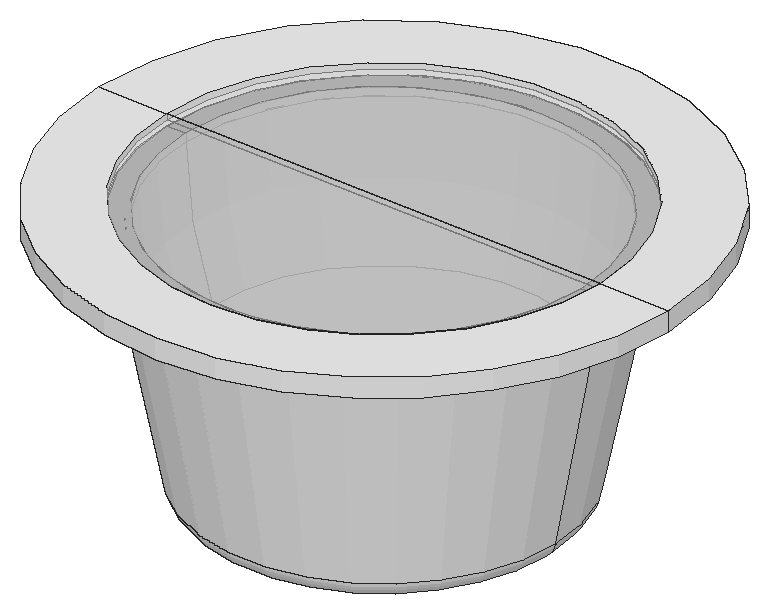
Revit family "2060555+2028034 Sylvania Lighting Fixture ASCENT 100 II ARCH 1900 4K STD 160 with IP44 Clear Glass", category Lighting Fixtures, host Face, Revit 2016
Family settings
  Host = Face
  Part Type = Normal
  Round Connector Dimension = Use Diameter
  OmniClass Number = 23.80.70.11.17
  OmniClass Title = Specialized Lighting by Location or Use
  Cut with Voids When Loaded = No
  Light Source = Yes
  Shared = No
  Room Calculation Point = No
Parameters (values of type "2060555+2028034 ASCT100 II ARCH 1900 4K STD 160 with IP44 Clear Glass")
  WidthBezelAcc_SYL = 25.0 mm
  Weight = "1.2 kg"
  Wattage = 17 W
  WarrantyStartDate [instance] = "n/a"
  WarrantyGuarantorParts = "n/a"
  WarrantyDurationUnit = "n/a"
  WarrantyDurationParts = "n/a"
  WarrantyDescription = "n/a"
  built-in parameter 1150110 = 1 (stored number, unit not read)
  Voltage = 0 V
  VisibilityAccessory_SYL = yes
  TypeName = "ASCENT 100 II ARCH 1900 4K STD 160"
  built-in parameter 1114217 = 1 (stored number, unit not read)
  Tilt Angle = -90°
  built-in parameter 1150109 = 1 (stored number, unit not read)
  built-in parameter 1150134 = 12
  built-in parameter 1150113 = 1 (stored number, unit not read)
  SerialNumber [instance] = "n/a"
  ReflectorRadius_SYL = Radius_SYL - 14.5 mm  # 80.0 mm
  RadiusAcc_SYL = 105.0 mm
  Radius_SYL = 94.5 mm
  URL = "http://www.sylvania-lighting.com"
  PowerFactor = 0
  PowerConsumption = "17 W"
  Photometric Web File = "2060555.ies"
  NominalWidth = 0.0 mm
  NominalLength = 0.0 mm
  NominalHeight = 94.0 mm
  Name = "ASCENT 100 II ARCH 1900 4K STD 160"
  ModelReference = "ASCENT 100 II ARCH 1900 4K STD 160"
  ModelNumber = "2060555+2028034"
  Material_4_SYL = none
  Material_3_SYL = Polycarbonate_Sylvania_Ascent_Clear
  Material_2_SYL = Aluminium_Sylvania_Ascent_Silver
  Material_1_SYL = Aluminum_Sylvania_Ascent_White
  Material = "aluminium housing, arcylic diffuser"
  ManufacturerName = "Feilo Sylvania"
  LuminousEfficacy = "113 lm/W"
  built-in parameter 1150105 = 152.87 (stored number, unit not read)
  Lumens = 1921 lm
  LuminaireType = ""
  built-in parameter 1150115 = 1 (stored number, unit not read)
  LightOutputRatio = "100"
  built-in parameter 1150137 = (empty or 0)
  built-in parameter 1150139 = (empty or 0)
  LampsType = Lamp  # "LED"
  LampNominalLuminous = "1921 lm"
  LampMacAdamStep = "3"
  LampColourTemperature = "4000 K"
  LampColourRenderingIndex = "80"
  built-in parameter 1150112 = 1 (stored number, unit not read)
  built-in parameter 1150114 = 1 (stored number, unit not read)
  Keynote = "16500"
  InstallationDate [instance] = "n/a"
  InputVoltage = "n/a"
  InputNominalFrequency = "n/a"
  built-in parameter 1150132 = (empty or 0)
  built-in parameter 1150102 = (empty or 0)
  built-in parameter 1150107 = 4000 (stored number, unit not read)
  built-in parameter 1150138 = (empty or 0)
  IngressProtection = "IP44"
  ImpactProtectionIndex = "IK02"
  built-in parameter 1150106 = 1.5287 (stored number, unit not read)
  IfcExportType = "IfcLightFixtureType"
  IfcExportAs = "IfcLightFixtureType"
  Height_SYL = 94.0 mm
  HeightAcc_SYL = 7.0 mm
  ExpectedLife = 50000
  EmittionSurface_SYL = if(VisibilityAccessory_SYL, 7.0 mm, 3.0 mm)  # 7.0 mm
  Emit from Circle Diameter = DiffuserRadius_SYL * 2  # 146.0 mm
  Emit Shape Visible in Rendering = no
  ElectricShockClassification = "Class II"
  built-in parameter 1150104 = 10.498 (stored number, unit not read)
  DurationUnit = "hours"
  DocumentationLiterature = "http://www.sylvania-lighting.com/product/en-int/products/2060555"
  DimmingControlOptions = "n/a"
  Dimming Lamp Color Temperature Shift = <None>
  DiffuserRadius_SYL = ReflectorRadius_SYL - 7.0 mm  # 73.0 mm
  Diameter_SYL = 2 * Radius_SYL  # 189.0 mm
  CutoutDiameter_SYL = Diameter_SYL - 13.0 mm  # 176.0 mm
  CreatedOn = "9/17/2018"
  CreatedBy = "@sylvania-lighting.com"
  Color Filter = 16777215
  built-in parameter 1114216 [instance] = 1 (stored number, unit not read)
  Model = "ASCENT 100 II ARCH 1900 4K STD 160"
  Manufacturer = "Feilo Sylvania"
  Lamp = "LED"
  Description = "Direct LED retro fit for original LED 100 Arch (160) single CFL lamp offering Matching lumen levels and improved light distribution of original LED 100 CFL lamp equivalents Typically half the power consumption compared to CFL Up to 112lm/W 160mm aperture Architectural reflector accepts range of glass accessories from existing LED 100 Arch 160 offering HE, HO and VHO versions equivalent of single 1 x 18W, 1 x 32W, 1 x 42W\r\n Additional VVHO versions which offer the performance circa 2 x 32W equivalent"  # constant formula
  Default Elevation = 0.0 mm
  built-in parameter 1140040 [instance] = 1
  BarCode [instance] = "n/a"
  built-in parameter 1114218 = 1 (stored number, unit not read)
  built-in parameter 1150133 = 10 (stored number, unit not read)
  AssetType = "Fixed"
  AssetIdentifier [instance] = "n/a"
  Assembly Code = "D5020200"
  Apparent Load = 17 VA
  Aperture_SYL = 2 * ReflectorRadius_SYL  # 160.0 mm
Reference planes
  plane 1 "Center (Front/Back)": y = 0
  plane 2: z = 0
  plane 3 "Center (Left/Right)": x = 0
  plane 4 "Fixture Bottom": z = 3
  plane 5: z = -52.5
  plane 6 "Fixture Top": z = -91
  plane 7: x = -105
  plane 8: z = 7
  plane 9: x = -80
  plane 10: z = 5
  plane 11: x = -103
Forms (mm)
  Extrusion 1, solid, material "Aluminum_Sylvania_Ascent_White", detail levels fine
    sketch origin (0, 0, 0) x (1, 0, 0) y (0, 1, 0)
      loop
        circle (0, 0) r 94.5
      loop
        circle (0, 0) r 80
    from 0 to 3
  Extrusion 2, void
    sketch origin (0, 0, 0) x (1, 0, 0) y (0, 1, 0)
      loop
        circle (0, 0) r 88
    from -91 to 3
  Revolve 3, solid, material "Aluminum_Sylvania_Ascent_White" <- "Material_1_SYL", detail levels fine
    sketch origin (0, 0, 0) x (1, 0, 0) y (0, 0, 1)
      loop
        line (0, -91.073) -> (0, -89.023) -> (-55.468, -89.014)
        arc (-55.468, -89.014) -> (-59.352, -87.613) -> (-61.54, -84.139) r 6.307
        line (-61.54, -84.139) -> (-77.991, -2.844) -> (-77.991, 0) -> (-80, 0) -> (-80, -3) -> (-63.5, -84.536)
        arc (-63.5, -84.536) -> (-60.643, -89.203) -> (-55.5, -91.073) r 8.291
        line (-55.5, -91.073) -> (0, -91.073)
      axis (0, 0) -> (0, -91.073)
    angle from 0 to 360
  Revolve 4, solid, material "Aluminium_Sylvania_Ascent_Silver" <- "Material_2_SYL", detail levels fine
    sketch origin (0, 0, 0) x (1, 0, 0) y (0, 0, 1)
      loop
        line (-80, 3) -> (-80, 0) -> (-75, 0)
        arc (-75, 0) -> (-72.349, -26.77) -> (-64.5, -52.5) r 136.5
        line (-64.5, -52.5) -> (-58, -52.5)
        arc (-58, -52.5) -> (-56.857, -61.521) -> (-53.5, -69.971) r 36.166
        line (-53.5, -69.971) -> (0, -69.971) -> (0, -50.5) -> (-63.16, -50.5)
        arc (-63.16, -50.5) -> (-70.517, -25.725) -> (-73, 0) r 134.5
        line (-73, 0) -> (-73, 3) -> (-80, 3)
      axis (0, 3) -> (0, -69.971)
    angle from 0 to 360
  Extrusion 5, solid, material "Polycarbonate_Sylvania_Ascent_Clear" <- "Material_3_SYL", detail levels fine
    sketch origin (0, 0, 0) x (1, 0, 0) y (0, 1, 0)
      loop
        circle (0, 0) r 73
    from 0 to 3
  Revolve 6, solid, material "Aluminum_Sylvania_Ascent_White" <- "Material_1_SYL", detail levels coarse+medium
    sketch origin (0, 0, 0) x (1, 0, 0) y (0, 0, 1)
      loop
        line (0, -91.073) -> (0, 3) -> (-94.5, 3) -> (-94.5, 0) -> (-79.5, 0) -> (-79.5, -3) -> (-63, -84.536)
        arc (-63, -84.536) -> (-60.143, -89.203) -> (-55, -91.073) r 8.291
        line (-55, -91.073) -> (0, -91.073)
      axis (0, 3) -> (0, -91.073)
    angle from 0 to 360
  Revolve 7, solid, material "Aluminum_Sylvania_Ascent_White" <- "Material_1_SYL", visible <- "VisibilityAccessory_SYL"
    sketch origin (0, 0, 0) x (1, 0, 0) y (0, 0, 1)
      loop
        line (-105, 0) -> (-103, 0) -> (-103, 5) -> (-80, 5) -> (-80, 7) -> (-105, 7) -> (-105, 0)
      axis (0, 7) -> (0, 0)
    angle from 0 to 360
  Revolve 8, solid, material "Polycarbonate_Sylvania_Ascent_Clear" <- "Material_3_SYL", visible <- "VisibilityAccessory_SYL"
    sketch origin (0, 0, 0) x (1, 0, 0) y (0, 0, 1)
      loop
        line (-80, 7) -> (-80, 5) -> (0, 5) -> (0, 7) -> (-80, 7)
      axis (0, 7) -> (0, 5)
    angle from 0 to 360
Lines and regions (mm)
  reference lines
    curve 1: line (-150, 0, 7) -> (125, 0, 7)
Dimensions and locks
  locked: plane 4 "Fixture Bottom" to plane 2 at 3
  "Height_SYL": plane 4 "Fixture Bottom" to plane 6 "Fixture Top"
  "ReflectorRadius_SYL": plane 3 "Center (Left/Right)" to Revolve 4 sketch curve
  locked: Revolve 4 sketch curve to Revolve 4 sketch curve at 15.5
  locked: Revolve 4 sketch curve to Revolve 4 sketch curve at 5
  locked: Revolve 4 sketch curve to Revolve 4 sketch curve at 7
  locked: Revolve 4 sketch curve to Revolve 4 sketch curve at 22
  locked: Revolve 4 sketch curve to Revolve 4 sketch curve at 26.5
  locked: Revolve 3 sketch curve to Revolve 3 sketch curve at 16.5
  locked: Revolve 3 sketch curve to Revolve 3 sketch curve at 24.5
  "ReflectorRadius_SYL": Revolve 3 sketch curve to plane 3 "Center (Left/Right)"
  locked: Revolve 3 sketch curve to plane 6 "Fixture Top" at 6.464
  locked: plane 2 to Revolve 3 sketch curve at 3
  locked: Revolve 3 sketch curve to Revolve 3 sketch curve at 2
  locked: Revolve 3 sketch curve to Revolve 3 sketch curve at 2.009
  locked: plane 2 to plane 5 at 52.5
  locked: Revolve 6 sketch curve to Revolve 6 sketch curve at 31.5
  locked: Revolve 6 sketch curve to Revolve 6 sketch curve at 39.5
  locked: Revolve 6 sketch curve to Revolve 6 sketch curve at 15
  "Radius_SYL": plane 3 "Center (Left/Right)" to Revolve 6 sketch curve
  "RadiusAcc_SYL": plane 3 "Center (Left/Right)" to plane 7
  "HeightAcc_SYL": plane 8 to level
  "WidthBezelAcc_SYL": plane 7 to plane 9
  locked: plane 7 to plane 11 at 2
  locked: plane 8 to plane 10 at 2
  "EmittionSurface_SYL": curve 1 to level
  "CutoutDiameter_SYL": diameter of Extrusion 2 sketch curve
  "ReflectorRadius_SYL": radius of Extrusion 1 sketch curve
  "DiffuserRadius_SYL": radius of Extrusion 5 sketch curve
  "Radius_SYL": radius of Extrusion 1 sketch curve
  aligned and locked: host face to plane 2
  aligned and locked: host face to level
  aligned and locked: plane 4 "Fixture Bottom" to Extrusion 1
  aligned and locked: Extrusion 1 to plane 2
  aligned and locked: Revolve 3 sketch curve to plane 3 "Center (Left/Right)"
  aligned and locked: Revolve 4 sketch curve to plane 3 "Center (Left/Right)"  (x2)
  aligned and locked: plane 4 "Fixture Bottom" to Revolve 4 sketch curve
  aligned and locked: Extrusion 5 to plane 2
  aligned and locked: plane 2 to Revolve 3 sketch curve  (x2)
  aligned and locked: Revolve 6 sketch curve to plane 3 "Center (Left/Right)"
  aligned and locked: plane 6 "Fixture Top" to Extrusion 2
  aligned and locked: Revolve 7 sketch curve to plane 3 "Center (Left/Right)"
  aligned and locked: host face to Revolve 7 sketch curve  (x2)
  aligned and locked: Revolve 7 sketch curve to plane 7
  aligned and locked: plane 8 to Revolve 7 sketch curve
  aligned and locked: plane 9 to Revolve 7 sketch curve
  aligned and locked: Revolve 7 sketch curve to plane 10
  aligned and locked: plane 11 to Revolve 7 sketch curve
  aligned and locked: Revolve 7 to Revolve 8 sketch curve
  aligned and locked: Revolve 8 sketch curve to Revolve 7  (x2)
  aligned and locked: Revolve 8 sketch curve to plane 3 "Center (Left/Right)"  (x2)
  aligned and locked: plane 3 "Center (Left/Right)" to imposter light
  aligned and locked: imposter light to plane 1 "Center (Front/Back)"
  aligned and locked: imposter light to curve 1
Automatic sketch dimensions
  plane 1 "Center (Front/Back)" to Extrusion 2 sketch curve = 0.0 mm
  Extrusion 2 sketch curve to plane 3 "Center (Left/Right)" = 0.0 mm
  Extrusion 1 sketch curve to Extrusion 1 sketch curve = 0.0 mm  (x2)
  plane 1 "Center (Front/Back)" to Extrusion 1 sketch curve = 0.0 mm
  Extrusion 1 sketch curve to plane 3 "Center (Left/Right)" = 0.0 mm
  plane 6 "Fixture Top" to Revolve 3 sketch curve = 0.073 mm
  Revolve 3 sketch curve to plane 6 "Fixture Top" = 6.861 mm
  Revolve 3 sketch curve to Revolve 3 sketch curve = 0.003 mm
  Revolve 3 sketch curve to Revolve 3 sketch curve = 0.009 mm  (x2)
  Revolve 3 sketch curve to Revolve 3 sketch curve = 0.023 mm
  Revolve 3 sketch curve to Revolve 3 sketch curve = 0.072 mm
  Revolve 3 sketch curve to Revolve 3 sketch curve = 0.008 mm
  Revolve 3 sketch curve to plane 6 "Fixture Top" = 1.977 mm
  Revolve 3 sketch curve to Revolve 3 sketch curve = 33.496 mm
  Revolve 3 sketch curve to Revolve 3 sketch curve = 0.028 mm
  plane 4 "Fixture Bottom" to Revolve 3 sketch curve = 82.431 mm
  Revolve 4 sketch curve to Revolve 4 sketch curve = 0.0 mm  (x2)
  Revolve 4 sketch curve to plane 5 = 0.0 mm
  Revolve 4 sketch curve to level = 0.0 mm
  plane 5 to Revolve 4 sketch curve = 2.0 mm
  plane 4 "Fixture Bottom" to Revolve 4 sketch curve = 9.642 mm
  plane 1 "Center (Front/Back)" to Extrusion 5 sketch curve = 0.0 mm
  Extrusion 5 sketch curve to plane 3 "Center (Left/Right)" = 0.0 mm
  Revolve 4 sketch curve to level = 69.971 mm
  Revolve 4 sketch curve to Revolve 4 sketch curve = 2.387 mm
  Revolve 6 sketch curve to level = 0.0 mm
  Revolve 6 sketch curve to plane 3 "Center (Left/Right)" = 0.0 mm
  Revolve 6 sketch curve to Revolve 6 sketch curve = 8.104 mm
  Revolve 6 sketch curve to level = 3.0 mm
  Revolve 6 sketch curve to plane 6 "Fixture Top" = 6.464 mm
  plane 6 "Fixture Top" to Revolve 6 sketch curve = 0.073 mm
  Revolve 6 sketch curve to Revolve 6 sketch curve = 33.496 mm
  plane 4 "Fixture Bottom" to Revolve 6 sketch curve = 82.431 mm
  host sketch curve to host sketch curve = 1704.996 mm
  host sketch curve to host sketch curve = 1500.0 mm
  plane 6 "Fixture Top" to Revolve 7 sketch curve = 281.274 mm
  Revolve 7 sketch curve to plane 8 = 1140.706 mm
  plane 6 "Fixture Top" to Revolve 8 sketch curve = 281.274 mm
  Revolve 8 sketch curve to Revolve 8 sketch curve = 1140.706 mm
  Revolve 3 sketch curve to plane 3 "Center (Left/Right)" = 0.0 mm
  Revolve 6 sketch curve to plane 4 "Fixture Bottom" = 0.0 mm
  plane 7 to curve 1 = 45.0 mm
  plane 3 "Center (Left/Right)" to curve 1 = 125.0 mm
Connectors
  electrical at (0, 0, -91.073), driven by "Apparent Load"
    settings: on Revolve 3, index 1, voltage 240 V, apparent load 0 VA, apparent load phase1 17 VA, apparent load phase2 0 VA, apparent load phase3 0 VA, power factor 1, load classification "Lighting", number of poles 1, system type 31, power factor state 1, is connector primary yes, connector utility no, sub classification motor no, connector description ""
